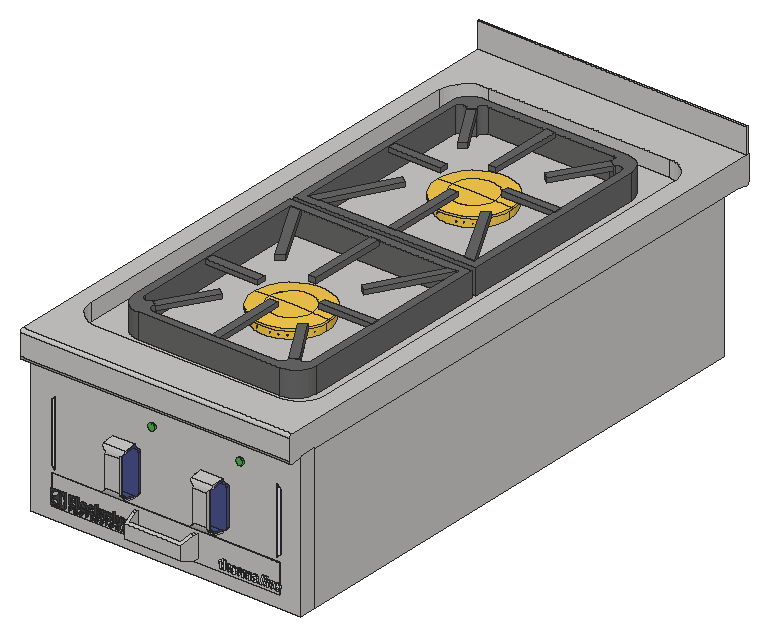
Revit family "QF_ELECTROLUXPROFESSIONAL_593105_MBGCBBDOVI", category Specialty Equipment, Revit 2014
Parameters
  Weight in Pounds = 487.22
  URL Cutsheet = ""
  Type Mark [instance] = ""
  Specification by User [instance] = ""
  Specification by Manufacturer = ""
  Serial Number = ""
  Seismic Rating = ""
  SMACNA No = ""
  Revision Code [instance] = ""
  Omniclass Number and Title = ""
  NAFEM Spec ID Number = ""
  Model = "588557"
  Masterspec = ""
  Manufacturer = "Electrolux Professional"
  Item Number [instance] = ""
  Installed By [instance] = ""
  Identify Quantity as Lot [instance] = yes
  Furnished By [instance] = ""
  Foodservice Equipment Identifier [instance] = yes
  Description = ""
  CSI MasterFormat = ""
  CSI Master Format = ""
Reference planes
  plane 1 "BACK": y = 0
  plane 2: z = 0
  plane 3 "LEFT": x = 0
  plane 4 "RIGHT": x = 400
  plane 5 "FRONT": y = -850
  plane 6 "TOP": z = 900
  plane 7 "Center (Left/Right)": x = 200
  plane 8: y = -425
  plane 9: y = -150
  plane 10: y = -65
  plane 11: y = -790
  plane 12 "GasY": y = -540
  plane 13: z = 938
  plane 14 "BaseTop": z = 650
  plane 15: y = -805
  plane 16 "Camino": y = -50
  plane 17: x = 364
  plane 18: z = 1131
Forms (mm)
  Extrusion 1, solid, material "QF_Finishes_Stainless Steel"
    sketch origin (-178.969, -4572, 100) x (-1, 0, 0) y (0, -1, 0)
      loop
        line (-178.969, -4527) -> (-178.969, -3767) -> (-578.969, -3767) -> (-578.969, -4527) -> (-178.969, -4527)
    from 550 to 762.969
  Extrusion 2, solid, material "QF_Finishes_Stainless Steel"
    sketch origin (200, 296.4, 1219.2) x (0, 1, 0) y (0, 0, 1)
      loop
        line (-296.4, -319.2) -> (-1141.4, -319.2)
        arc (-1141.4, -319.2) -> (-1144.935, -320.664) -> (-1146.4, -324.2) r 5
        line (-1146.4, -324.2) -> (-1146.4, -355.2)
        arc (-1146.4, -355.2) -> (-1144.971, -358.264) -> (-1141.705, -359.139) r 4
        line (-1141.705, -359.139) -> (-1126.4, -356.231) -> (-316.4, -356.231) -> (-301.094, -359.139)
        arc (-301.094, -359.139) -> (-297.829, -358.264) -> (-296.4, -355.2) r 4
        line (-296.4, -355.2) -> (-296.4, -319.2)
    from -200 to 200
  Extrusion 3, void
    sketch origin (0, 0, 900) x (-1, 0, 0) y (0, -1, 0)
      loop
        arc (-65.29, 65) -> (-37.006, 76.716) -> (-25.29, 105) r 40
        line (-25.29, 105) -> (-25.29, 750)
        arc (-25.29, 750) -> (-37.006, 778.284) -> (-65.29, 790) r 40
        line (-65.29, 790) -> (-334.029, 790)
        arc (-334.029, 790) -> (-362.314, 778.284) -> (-374.029, 750) r 40
        line (-374.029, 750) -> (-374.029, 105)
        arc (-374.029, 105) -> (-362.314, 76.716) -> (-334.029, 65) r 40
        line (-334.029, 65) -> (-65.29, 65)
    from 0 to -25
  Extrusion 4, solid, material "QF_Finishes_Stainless Steel"
    sketch origin (200, 296.4, 1219.2) x (0, 1, 0) y (0, 0, 1)
      loop
        line (-296.4, -319.2) -> (-296.4, -281.2) -> (-298.4, -281.2) -> (-298.4, -319.2) -> (-296.4, -319.2)
    from 200 to -200
  Extrusion 5, solid, material "QF_Finishes_Stainless Steel"
    sketch origin (0, 0, 650) x (-1, 0, 0) y (0, -1, 0)
      loop
        circle (-364, 540) r 10.1
    from 0 to -10
Cuts and joins
  Extrusion 3 cuts Extrusion 2
Lines and regions (mm)
  symbolic lines
    curve 1: line (0, 0, 100) -> (400, 0, 100)
    curve 2: line (0, -850, 100) -> (0, 0, 100)
    curve 3: line (400, -850, 100) -> (0, -850, 100)
    curve 4: line (400, 0, 100) -> (400, -850, 100)
    curve 5: line (0, -2, 0) -> (400, -2, 0)
    curve 6: line (334.029, -65, 0) -> (65.29, -65, 0)
    curve 7: arc (65.29, -65, 0) -> (37.006, -76.716, 0) -> (25.29, -105, 0) r 40
    curve 8: arc (374.029, -105, 0) -> (362.314, -76.716, 0) -> (334.029, -65, 0) r 40
    curve 9: line (374.029, -750, 0) -> (374.029, -105, 0)
    curve 10: arc (334.029, -790, 0) -> (362.314, -778.284, 0) -> (374.029, -750, 0) r 40
    curve 11: line (65.29, -790, 0) -> (334.029, -790, 0)
    curve 12: arc (25.29, -750, 0) -> (37.006, -778.284, 0) -> (65.29, -790, 0) r 40
    curve 13: line (25.29, -105, 0) -> (25.29, -750, 0)
Dimensions and locks
  plane 3 "LEFT" to plane 4 "RIGHT" = 400 mm
  locked: plane 5 "FRONT" to plane 1 "BACK" at 850
  plane 3 "LEFT" to plane 7 "Center (Left/Right)" to plane 4 "RIGHT" = 200 mm, 200 mm
  equal spacing: plane 5 "FRONT", plane 8, plane 1 "BACK"
  plane 6 "TOP" to level = 900 mm  (x2)
  plane 1 "BACK" to plane 9 = 150 mm
  plane 12 "GasY" to plane 1 "BACK" = 540 mm
  plane 13 to plane 6 "TOP" = 38 mm
  plane 10 to plane 1 "BACK" = 65 mm
  plane 5 "FRONT" to plane 11 = 60 mm
  locked: plane 6 "TOP" to plane 14 "BaseTop" at 250
  locked: plane 15 to plane 5 "FRONT" at 45
  plane 16 "Camino" to plane 1 "BACK" = 50 mm
  plane 17 to plane 4 "RIGHT" = 36 mm
  plane 18 to plane 6 "TOP" = 231 mm
  aligned and locked: level to plane 2
  aligned and locked: cut or joined group of Extrusion 2, Extrusion 3 to plane 3 "LEFT"
  aligned and locked: cut or joined group of Extrusion 2, Extrusion 3 to plane 4 "RIGHT"
  aligned and locked: nested 1 to plane 15
  aligned and locked: Extrusion 1 to plane 15
  aligned and locked: Extrusion 4 to plane 3 "LEFT"
  aligned and locked: Extrusion 4 to plane 4 "RIGHT"
  aligned and locked: plane 3 "LEFT" to nested 1
Automatic sketch dimensions
  curve 5 to plane 3 "LEFT" = 0 mm
  curve 5 to plane 4 "RIGHT" = 0 mm
  plane 1 "BACK" to curve 5 = 2 mm
  Extrusion 1 sketch curve to plane 4 "RIGHT" = 0 mm
  Extrusion 1 sketch curve to plane 3 "LEFT" = 0 mm
  Extrusion 1 sketch curve to plane 15 = 0 mm
  Extrusion 1 sketch curve to plane 16 "Camino" = 5 mm
  plane 1 "BACK" to curve 1 = 0 mm
  curve 1 to plane 4 "RIGHT" = 0 mm
  curve 3 to plane 3 "LEFT" = 0 mm
  plane 5 "FRONT" to curve 3 = 0 mm
  Extrusion 2 sketch curve to plane 5 "FRONT" = 0 mm
  Extrusion 2 sketch curve to plane 6 "TOP" = 0 mm
  Extrusion 2 sketch curve to plane 1 "BACK" = 0 mm
  Extrusion 2 sketch curve to Extrusion 2 sketch curve = 4 mm
  Extrusion 2 sketch curve to Extrusion 2 sketch curve = 0.695 mm
  Extrusion 2 sketch curve to plane 5 "FRONT" = 5 mm
  Extrusion 2 sketch curve to Extrusion 2 sketch curve = 15.305 mm
  plane 1 "BACK" to Extrusion 2 sketch curve = 20 mm
  plane 1 "BACK" to Extrusion 2 sketch curve = 4.695 mm
  plane 1 "BACK" to Extrusion 2 sketch curve = 4 mm
  Extrusion 2 sketch curve to Extrusion 2 sketch curve = 31 mm
  Extrusion 2 sketch curve to Extrusion 2 sketch curve = 36 mm
  Extrusion 2 sketch curve to Extrusion 2 sketch curve = 2.909 mm
  Extrusion 4 sketch curve to plane 6 "TOP" = 0 mm
  Extrusion 4 sketch curve to plane 13 = 0 mm
  Extrusion 4 sketch curve to plane 1 "BACK" = 0 mm
  Extrusion 4 sketch curve to Extrusion 4 sketch curve = 2 mm
  Extrusion 5 sketch curve to plane 12 "GasY" = 0 mm
  Extrusion 5 sketch curve to plane 17 = 0 mm
  plane 10 to curve 6 = 0 mm
  plane 7 "Center (Left/Right)" to curve 6 = 134.029 mm
  curve 7 to curve 6 = 40 mm
  curve 8 to curve 6 = 40 mm
  curve 9 to plane 11 = 40 mm
  plane 11 to curve 10 = 0 mm
  plane 3 "LEFT" to curve 13 = 25.29 mm
  curve 12 to plane 11 = 40 mm
  plane 11 to Extrusion 3 sketch curve = 0 mm
  plane 10 to Extrusion 3 sketch curve = 0 mm
  plane 17 to Extrusion 3 sketch curve = 10.029 mm
  Extrusion 3 sketch curve to plane 17 = 29.971 mm  (x2)
  plane 3 "LEFT" to Extrusion 3 sketch curve = 65.29 mm  (x2)
  plane 10 to Extrusion 3 sketch curve = 40 mm
  radius of Extrusion 5 sketch curve = 10.1 mm
Nested families
  nested 1: "Front_Panel_W400_Two Knobs_Spie" at (52.376, -805, 0), type "Front_Panel_W400_Two Knobs_Spie"
  nested 2: "Therma_One_Burner_Long" at (198.607, -260.258, 875), type "Therma_One_Burner_Long"
  nested 3: "Therma_One_Burner_Long" at (198.607, -593.742, 875), type "Therma_One_Burner_Long"
Connectors
  piping at (364, -540, 650), diameter 12.7
    settings: on Extrusion 5, index 1, connector inside diameter 24", connector length 0 mm, flow factor 0, pipe flow 0 GPM, pressure drop 0.00 psi, fitting loss kfactor 0, connector angle 0.00°, fixture units 0, engagement length 0 mm, angle of deflection 0.00°, flow configuration 1, flow direction 1, fitting loss method 0, system type 7, joint type 0, gender type 0, connector reference index -1, connector utility 0, adjustable connector no, is connector primary yes, connector description "Gas Connection"
Definition of nested family "Front_Panel_W400_Two Knobs_Spie"
  Reference planes
    plane 1 "Center (Front/Back)": y = 0
    plane 2: z = 0
    plane 3 "Center (Left/Right)": x = 147.624
    plane 4 "Left": x = -52.376
    plane 5 "Right": x = 347.624
    plane 6: y = -45
    plane 7: x = 107.624
    plane 8: y = -310
    plane 9 "Panel": y = -25
    plane 10: x = 317.624
    plane 11: x = -22.376
  Forms (mm)
    Extrusion 1, solid, material "QF_Finishes_Stainless Steel"
      sketch origin (833.217, 829.203, -1.25) x (0, 1, 0) y (0, 0, 1)
        loop
          line (-854.203, 651.25) -> (-829.203, 651.25) -> (-829.203, 864.25) -> (-854.203, 864.25) -> (-854.203, 651.25)
      from -885.593 to -485.593
    Extrusion 2, void
      sketch origin (0, -25, -10) x (0, 0, 1) y (-1, 0, 0)
        loop
          line (731.866, -317.624) -> (818.866, -317.624) -> (823.866, -312.624) -> (726.866, -312.624) -> (731.866, -317.624)
        loop
          line (731.866, 22.376) -> (726.866, 17.376) -> (823.866, 17.376) -> (818.866, 22.376) -> (731.866, 22.376)
      from 0 to -2
    Extrusion 3, void
      sketch origin (0, 0, 0) x (1, 0, 0) y (0, 0, 1)
        loop
          line (-22.376, 711.866) -> (-22.376, 666.866) -> (317.624, 666.866) -> (317.624, 711.866) -> (-22.376, 711.866)
      from 19.387 to 25
    Extrusion 4, solid, material "QF_Finishes_Stainless Steel"
      sketch origin (0, 0, 0) x (1, 0, 0) y (0, 0, 1)
        loop
          line (-21.376, 710.866) -> (-21.376, 667.866) -> (316.624, 667.866) -> (316.624, 710.866) -> (-21.376, 710.866)
      from 19.387 to 25
    Extrusion 5, solid, material "QF_Finishes_Stainless Steel"
      sketch origin (0, 0, 0) x (1, 0, 0) y (0, 1, 0)
        loop
          line (106.059, -25) -> (100.966, -25) -> (105.646, -49.075) -> (189.603, -49.075) -> (194.283, -25) -> (189.189, -25) -> (185.481, -44.075) -> (109.767, -44.075) -> (106.059, -25)
      from 672.593 to 705.67
    Extrusion 6, void
      sketch origin (147.624, 0, 0) x (0, 1, 0) y (0, 0, 1)
        loop
          line (-30, 705.67) -> (-30, 710.67) -> (-56.744, 710.67) -> (-56.744, 667.593) -> (-30, 667.593) -> (-30, 672.593) -> (-53.776, 680.318) -> (-53.776, 697.945) -> (-30, 705.67)
      from -50 to 50
    Extrusion 7, solid, material "QF_Door-Drawer Clearances", detail levels coarse
      sketch origin (0, -265, 0) x (1, 0, 0) y (0, 1, 0)
        loop
          line (106.164, -71.744) -> (189.084, -71.744) -> (194.283, -45) -> (316.624, -45) -> (316.624, 240) -> (-21.376, 240) -> (-21.376, -45) -> (100.966, -45) -> (106.164, -71.744)
      from 672.593 to 705.67
    Extrusion 8, void
      sketch origin (147.624, -280, 0) x (0, 1, 0) y (0, 0, 1)
        loop
          line (-30, 705.67) -> (-30, 710.67) -> (-56.744, 710.67) -> (-56.744, 667.593) -> (-30, 667.593) -> (-30, 672.593) -> (-53.776, 680.318) -> (-53.776, 697.945) -> (-30, 705.67)
      from -50 to 50
    Extrusion 9, solid, material "QF_Finishes_Green"
      sketch origin (160, -25, 1.163) x (0, 0, 1) y (-1, 0, 0)
        loop
          circle (824.337, 32.376) r 5
      from 0 to 1.7
    Extrusion 10, solid, material "QF_Finishes_White"
      sketch origin (0, -25, -10) x (0, 0, 1) y (-1, 0, 0)
        loop
          line (726.866, -312.624) -> (731.866, -317.624) -> (818.866, -317.624) -> (823.866, -312.624) -> (726.866, -312.624)
        loop
          line (726.866, 17.376) -> (823.866, 17.376) -> (818.866, 22.376) -> (731.866, 22.376) -> (726.866, 17.376)
      from 0 to -2
    Extrusion 11, solid, material "QF_Finishes_Green"
      sketch origin (290.724, -25, 1.163) x (0, 0, 1) y (-1, 0, 0)
        loop
          circle (824.337, 32.376) r 5
      from 0 to 1.7
  Cuts and joins
    Extrusion 2, Extrusion 3 cuts Extrusion 1
    Extrusion 6, Extrusion 8 cuts Extrusion 5
    Extrusion 8 cuts Extrusion 7
  Lines and regions (mm)
    symbolic lines, style "SpecialityEquipmentHiddenLines"
      curve 1: line (31.124, -45, 0) -> (31.124, -310, 0)
      curve 2: line (31.124, -310, 0) -> (269.124, -310, 0)
      curve 3: line (100.966, -310, 0) -> (105.646, -334.075, 0)
      curve 4: line (105.646, -334.075, 0) -> (189.603, -334.075, 0)
      curve 5: line (189.603, -334.075, 0) -> (194.283, -310, 0)
      curve 6: line (269.124, -310, 0) -> (269.124, -45, 0)
      curve 7: line (31.124, -300, 0) -> (269.124, -300, 0)
      curve 8: line (106.059, -310, 0) -> (109.767, -329.075, 0)
      curve 9: line (109.767, -329.075, 0) -> (185.481, -329.075, 0)
      curve 10: line (185.481, -329.075, 0) -> (189.189, -310, 0)
  Dimensions and locks
    equal spacing: plane 5 "Right", plane 3 "Center (Left/Right)", plane 4 "Left"
    plane 5 "Right" to plane 4 "Left" = 400 mm
    plane 3 "Center (Left/Right)" to plane 7 = 40 mm
    plane 6 to plane 8 = 265 mm
    plane 11 to plane 4 "Left" = 30 mm
    plane 5 "Right" to plane 10 = 30 mm
    aligned and locked: cut or joined group of Extrusion 1, Extrusion 2, Extrusion 3 to plane 4 "Left"
    aligned and locked: plane 5 "Right" to cut or joined group of Extrusion 1, Extrusion 2, Extrusion 3
  Automatic sketch dimensions
    Extrusion 1 sketch curve to plane 9 "Panel" = 0 mm
    Extrusion 1 sketch curve to plane 1 "Center (Front/Back)" = 0 mm
    level to Extrusion 1 sketch curve = 650 mm
    Extrusion 1 sketch curve to Extrusion 1 sketch curve = 213 mm
    Extrusion 3 sketch curve to plane 11 = 0 mm
    Extrusion 3 sketch curve to plane 10 = 0 mm
    level to Extrusion 3 sketch curve = 666.866 mm
    Extrusion 3 sketch curve to Extrusion 3 sketch curve = 45 mm
    plane 11 to Extrusion 4 sketch curve = 1 mm
    Extrusion 4 sketch curve to plane 10 = 1 mm
    level to Extrusion 4 sketch curve = 667.866 mm
    Extrusion 4 sketch curve to Extrusion 4 sketch curve = 43 mm
    plane 9 "Panel" to Extrusion 5 sketch curve = 0 mm  (x2)
    Extrusion 5 sketch curve to plane 7 = 6.658 mm
    Extrusion 5 sketch curve to plane 7 = 1.979 mm
    Extrusion 5 sketch curve to plane 7 = 1.565 mm
    Extrusion 5 sketch curve to plane 6 = 0.925 mm
    plane 7 to Extrusion 5 sketch curve = 2.143 mm
    plane 3 "Center (Left/Right)" to Extrusion 5 sketch curve = 37.857 mm
    Extrusion 5 sketch curve to Extrusion 5 sketch curve = 3.708 mm
    Extrusion 5 sketch curve to Extrusion 5 sketch curve = 4.122 mm
    Extrusion 5 sketch curve to Extrusion 5 sketch curve = 5.094 mm
    plane 6 to Extrusion 5 sketch curve = 4.075 mm
    plane 6 to Extrusion 6 sketch curve = 11.744 mm
    plane 6 to Extrusion 6 sketch curve = 8.776 mm
    plane 9 "Panel" to Extrusion 6 sketch curve = 5 mm  (x2)
    level to Extrusion 6 sketch curve = 667.593 mm
    Extrusion 6 sketch curve to Extrusion 6 sketch curve = 5 mm
    Extrusion 6 sketch curve to Extrusion 6 sketch curve = 12.725 mm  (x2)
    Extrusion 6 sketch curve to Extrusion 6 sketch curve = 17.627 mm
    Extrusion 6 sketch curve to Extrusion 6 sketch curve = 7.725 mm
    plane 9 "Panel" to Extrusion 7 sketch curve = 0 mm
    Extrusion 7 sketch curve to plane 8 = 0 mm  (x2)
    plane 11 to Extrusion 7 sketch curve = 1 mm
    Extrusion 7 sketch curve to plane 7 = 6.658 mm
    Extrusion 7 sketch curve to plane 7 = 1.46 mm
    plane 3 "Center (Left/Right)" to Extrusion 7 sketch curve = 41.46 mm
    Extrusion 7 sketch curve to Extrusion 7 sketch curve = 5.199 mm
    Extrusion 7 sketch curve to plane 10 = 1 mm
    Extrusion 7 sketch curve to plane 8 = 26.744 mm
    Extrusion 8 sketch curve to plane 8 = 0 mm  (x2)
    Extrusion 8 sketch curve to plane 8 = 23.776 mm
    Extrusion 8 sketch curve to Extrusion 8 sketch curve = 2.968 mm
    level to Extrusion 8 sketch curve = 667.593 mm
    Extrusion 8 sketch curve to Extrusion 8 sketch curve = 5 mm
    Extrusion 8 sketch curve to Extrusion 8 sketch curve = 12.725 mm  (x2)
    Extrusion 8 sketch curve to Extrusion 8 sketch curve = 17.627 mm
    Extrusion 8 sketch curve to Extrusion 8 sketch curve = 7.725 mm
    Extrusion 9 sketch curve to plane 3 "Center (Left/Right)" = 20 mm
    level to Extrusion 9 sketch curve = 825.5 mm
    Extrusion 11 sketch curve to plane 10 = 59.276 mm
    level to Extrusion 11 sketch curve = 825.5 mm
    Extrusion 10 sketch curve to plane 10 = 0 mm
    Extrusion 10 sketch curve to plane 11 = 0 mm
    Extrusion 10 sketch curve to plane 10 = 5 mm
    level to Extrusion 10 sketch curve = 716.866 mm
    plane 11 to Extrusion 10 sketch curve = 5 mm
    Extrusion 10 sketch curve to Extrusion 10 sketch curve = 0 mm
    Extrusion 10 sketch curve to Extrusion 10 sketch curve = 5 mm  (x4)
    Extrusion 10 sketch curve to Extrusion 10 sketch curve = 87 mm  (x2)
    Extrusion 2 sketch curve to plane 10 = 0 mm
    Extrusion 2 sketch curve to plane 11 = 0 mm
    plane 11 to Extrusion 2 sketch curve = 5 mm
    level to Extrusion 2 sketch curve = 716.866 mm
    Extrusion 2 sketch curve to plane 10 = 5 mm
    Extrusion 2 sketch curve to Extrusion 2 sketch curve = 0 mm
    Extrusion 2 sketch curve to Extrusion 2 sketch curve = 5 mm  (x4)
    Extrusion 2 sketch curve to Extrusion 2 sketch curve = 87 mm  (x2)
    plane 6 to curve 1 = 0 mm
    curve 10 to plane 8 = 0 mm
    plane 6 to curve 6 = 0 mm
    plane 11 to curve 1 = 53.5 mm
    curve 3 to plane 7 = 1.979 mm
    plane 7 to curve 8 = 2.143 mm
    plane 3 "Center (Left/Right)" to curve 10 = 37.857 mm
    curve 9 to curve 5 = 4.122 mm
    curve 2 to plane 10 = 48.5 mm
    curve 9 to plane 8 = 19.075 mm
    curve 5 to curve 9 = 5 mm
    curve 3 to plane 7 = 6.658 mm
    curve 8 to plane 7 = 1.565 mm
    curve 9 to curve 10 = 3.708 mm
    curve 10 to curve 5 = 5.094 mm
    plane 8 to curve 7 = 10 mm
    radius of Extrusion 9 sketch curve = 5 mm
    radius of Extrusion 11 sketch curve = 5 mm
  Nested families
    nested 1: "Range Control Handle" at (87.624, -28.137, -209.113) x (-1, 0, 0) z (0, 0, 1), type "Range Control Handle"
    nested 2: "Range Control Handle" at (217.624, -28.137, -209.113), type "Range Control Handle"
    nested 3: "ELX_ThermaLine_Small" at (269.031, -25, 679.343) x (1, 0, 0) z (0, -1, 0), type "ELX_ThermaLine_Small"
      with Show Logo yes, Material_Logo QF_Finishes_Black
    nested 4: "ELX_Professional_Logo_Small" at (37.11, -25, 681.576) x (1, 0, 0) z (0, -1, 0), type "ELX_Professional_Logo_Small"
      with Show Logo yes, Material_Logo QF_Finishes_Black
  Definition of nested family "Range Control Handle"
    Reference planes
      plane 1 "Center (Front/Back)": y = 0
      plane 2: z = 0
      plane 3 "Center (Left/Right)": x = 0
      plane 4: z = 971.092
      plane 5: y = -16.9
    Forms (mm)
      Extrusion 1, solid, material "QF_Finishes_Electrolux Cyan"
        sketch origin (-746.28, 380.497, 208.931) x (-1, 0, 0) y (0, 0, 1)
          loop
            line (-770.101, 786.798) -> (-770.101, 731.649)
            arc (-770.101, 731.649) -> (-769.759, 730.563) -> (-768.855, 729.87) r 1.893
            line (-768.855, 729.87) -> (-763.474, 727.911) -> (-729.81, 727.911) -> (-724.428, 729.87)
            arc (-724.428, 729.87) -> (-723.525, 730.563) -> (-723.183, 731.649) r 1.893
            line (-723.183, 731.649) -> (-723.183, 786.798)
            arc (-723.183, 786.798) -> (-723.529, 787.894) -> (-724.44, 788.593) r 1.91
            line (-724.44, 788.593) -> (-729.683, 790.819) -> (-763.601, 790.819) -> (-768.844, 788.593)
            arc (-768.844, 788.593) -> (-769.755, 787.894) -> (-770.101, 786.798) r 1.91
        from -382.35 to -378.852
      Sweep 2, solid, material "QF_Finishes_Electrolux Cyan"
        path origin (-746.788, 380.496, 208.091) x (0, -1, 0) y (0, 0, 1)
          loop
            line (379.775, 793.281) -> (395.661, 791.048)
            arc (395.661, 791.048) -> (397.781, 787.377) -> (398.517, 783.202) r 12.207
            line (398.517, 783.202) -> (398.517, 737.368)
            arc (398.517, 737.368) -> (397.781, 733.193) -> (395.661, 729.522) r 12.207
            line (395.661, 729.522) -> (379.775, 727.289)
        profile origin (-746.788, -7.222, 1000.256) x (0, -0.139173, 0.990268) y (-1, 0, 0)
          loop
            line (0.782, -763.123) -> (0.782, -730.907) -> (-1.322, -730.907) -> (-1.322, -763.123) -> (0.782, -763.123)
      Sweep 3, solid, material "QF_Finishes_Stainless Steel"
        path origin (-746.788, 380.715, 207.832) x (0, -1, 0) y (0, 0, 1)
          loop
            line (380.478, 795.442) -> (397.218, 793.09)
            arc (397.218, 793.09) -> (399.929, 788.473) -> (400.871, 783.202) r 15.207
            line (400.871, 783.202) -> (400.871, 737.584)
            arc (400.871, 737.584) -> (399.914, 732.274) -> (397.164, 727.633) r 15.207
            line (397.164, 727.633) -> (380.601, 725.305)
        profile origin (-746.788, -8.132, 1002.099) x (0, -0.139173, 0.990268) y (-1, 0, 0)
          loop
            line (0.782, -763.123) -> (0.782, -730.907) -> (-1.322, -730.907) -> (-1.322, -763.123) -> (0.782, -763.123)
      Extrusion 4, void
        sketch origin (889.253, 220.666, 207.993) x (1, 0, 0) y (0, 0, 1)
          loop
            line (-943.038, 816.854) -> (-943.038, 703.686) -> (-899.466, 734.196) -> (-899.466, 786.344) -> (-943.038, 816.854)
        from 230.636 to 242.25
      Extrusion 5, void
        sketch origin (-888.8, 220.666, 207.993) x (-1, 0, 0) y (0, 0, -1)
          loop
            line (-943.038, -816.854) -> (-899.466, -786.344) -> (-899.466, -734.196) -> (-943.038, -703.686) -> (-943.038, -816.854)
        from 230.636 to 242.25
      Extrusion 6, solid, material "QF_Finishes_Electrolux Cyan"
        sketch origin (0, 0, 0) x (1, 0, 0) y (0, 0, 1)
          loop
            circle (0, 971.092) r 7.736
        from -3.137 to -1.645
    Cuts and joins
      Extrusion 4, Extrusion 5 cuts Sweep 3
      Extrusion 4, Extrusion 5 cuts Sweep 2
      joined: Extrusion 1, Extrusion 6
    Lines and regions (mm)
      symbolic lines
        curve 1: line (16.334, -16.9, 0) -> (16.334, -19.227, 0)
        curve 2: spline (16.334, -19.227, 0) -> (15.87, -19.385, 0) -> (15.404, -19.536, 0) -> (14.936, -19.678, 0) -> (14.466, -19.813, 0) -> (13.995, -19.94, 0) -> (13.523, -20.059, 0) -> (13.049, -20.171, 0) -> (12.575, -20.274, 0) -> (12.099, -20.37, 0) -> (11.622, -20.458, 0) -> (11.144, -20.537, 0) -> (10.666, -20.609, 0)
        curve 3: line (10.666, -16.9, 0) -> (10.666, -20.938, 0)
        curve 4: line (-10.213, -20.938, 0) -> (10.666, -20.938, 0)
        curve 5: line (-10.213, -20.938, 0) -> (-10.213, -16.9, 0)
        curve 6: spline (-10.213, -20.609, 0) -> (-10.691, -20.537, 0) -> (-11.169, -20.458, 0) -> (-11.646, -20.37, 0) -> (-12.122, -20.274, 0) -> (-12.597, -20.171, 0) -> (-13.07, -20.059, 0) -> (-13.542, -19.94, 0) -> (-14.013, -19.813, 0) -> (-14.483, -19.678, 0) -> (-14.951, -19.536, 0) -> (-15.417, -19.385, 0) -> (-15.881, -19.227, 0)
        curve 7: line (-15.881, -19.227, 0) -> (-15.881, -16.9, 0)
  Definition of nested family "ELX_ThermaLine_Small"
    Parameters (values of type "ELX_ThermaLine_Small")
      Show Logo [instance] = yes
      Material_Logo [instance] = QF_Finishes_Black
      Default Elevation = 0 mm
    Reference planes
      plane 1 "Centro (Fronte/Retro)": y = 0
      plane 2: z = 0
      plane 3 "Centro (Sinistra/Destra)": x = 0
    Forms (mm)
      Extrusion 1, solid
        sketch origin (0, 0, 0) x (1, 0, 0) y (0, 1, 0)
          loop
            line (-1219.2, 1219.2) -> (-1219.2, -1219.2) -> (1219.2, -1219.2) -> (1219.2, 1219.2) -> (-1219.2, 1219.2)
        from 0 to -304.8
      Extrusion 2, solid, material "QF_Finishes_White"
        sketch origin (0, 0, 0) x (1, 0, 0) y (0, 1, 0)
          loop
            line (-37.494, 1.229) -> (-35.908, 1.229) -> (-35.908, 3.066) -> (-37.494, 3.066) -> (-37.494, 6.221) -> (-39.867, 4.881) -> (-39.867, 3.066) -> (-40.969, 3.066) -> (-40.969, 1.229) -> (-39.867, 1.229) -> (-39.867, -3.407)
            arc (-39.867, -3.407) -> (-38.982, -5.513) -> (-36.751, -6.001) r 2.478
            line (-36.751, -6.001) -> (-35.638, -5.7) -> (-35.9, -3.835) -> (-36.661, -4.039)
            arc (-36.661, -4.039) -> (-37.236, -3.924) -> (-37.494, -3.399) r 0.662
            line (-37.494, -3.399) -> (-37.494, 1.229)
          loop
            line (-34.242, 6.539) -> (-34.242, -5.848) -> (-31.854, -5.848) -> (-31.854, -0.078)
            arc (-31.854, -0.078) -> (-30.939, 1.249) -> (-29.33, 1.367) r 1.866
            arc (-29.33, 1.367) -> (-28.695, 0.768) -> (-28.461, -0.073) r 1.627
            line (-28.461, -0.073) -> (-28.461, -5.848) -> (-26.086, -5.848) -> (-26.064, -0.46)
            arc (-26.064, -0.46) -> (-26.261, 0.932) -> (-26.786, 2.237) r 5.825
            arc (-26.786, 2.237) -> (-29.381, 3.264) -> (-31.854, 1.971) r 3.353
            line (-31.854, 1.971) -> (-31.854, 6.539) -> (-34.242, 6.539)
          loop
            arc (-18.398, -0.598) -> (-18.893, 0.879) -> (-20.326, 1.487) r 1.897
            arc (-20.326, 1.487) -> (-21.461, 0.708) -> (-21.897, -0.598) r 2.164
            line (-21.897, -0.598) -> (-18.398, -0.598)
          loop
            arc (-16.021, -2.044) -> (-16.754, 1.227) -> (-19.444, 3.226) r 4.814
            arc (-19.444, 3.226) -> (-22.137, 2.788) -> (-23.943, 0.743) r 4.054
            arc (-23.943, 0.743) -> (-24.382, -1.249) -> (-24.162, -3.276) r 6.289
            arc (-24.162, -3.276) -> (-23.302, -4.71) -> (-21.958, -5.705) r 4.28
            arc (-21.958, -5.705) -> (-18.558, -5.814) -> (-16.152, -3.409) r 4.28
            line (-16.152, -3.409) -> (-18.5, -2.995)
            arc (-18.5, -2.995) -> (-19.273, -3.994) -> (-20.533, -4.076) r 1.536
            arc (-20.533, -4.076) -> (-21.56, -3.281) -> (-21.958, -2.044) r 2.197
            line (-21.958, -2.044) -> (-16.021, -2.044)
          loop
            line (-14.165, -5.848) -> (-11.819, -5.848) -> (-11.819, -2.138)
            arc (-11.819, -2.138) -> (-11.787, -1.156) -> (-11.637, -0.185) r 8.18
            arc (-11.637, -0.185) -> (-10.644, 0.972) -> (-9.132, 0.776) r 1.603
            line (-9.132, 0.776) -> (-8.419, 2.846)
            arc (-8.419, 2.846) -> (-10.432, 3.118) -> (-11.994, 1.821) r 2.527
            line (-11.994, 1.821) -> (-11.994, 3.094) -> (-14.165, 3.094) -> (-14.165, -5.848)
          loop
            line (-7.579, 3.094) -> (-7.579, -5.848) -> (-5.178, -5.848) -> (-5.178, -0.756)
            arc (-5.178, -0.756) -> (-4.727, 0.679) -> (-3.417, 1.419) r 2.05
            arc (-3.417, 1.419) -> (-2.499, 0.908) -> (-2.155, -0.085) r 1.471
            line (-2.155, -0.085) -> (-2.155, -5.848) -> (0.23, -5.848) -> (0.23, -1.001)
            arc (0.23, -1.001) -> (0.47, 0.127) -> (1.148, 1.061) r 2.775
            arc (1.148, 1.061) -> (2.225, 1.329) -> (3.05, 0.587) r 1.182
            arc (3.05, 0.587) -> (3.199, -0.019) -> (3.214, -0.642) r 2.894
            line (3.214, -0.642) -> (3.214, -5.848) -> (5.601, -5.848) -> (5.601, 0.261)
            arc (5.601, 0.261) -> (4.87, 2.263) -> (2.976, 3.241) r 2.932
            arc (2.976, 3.241) -> (1.284, 2.973) -> (-0.047, 1.896) r 3.309
            arc (-0.047, 1.896) -> (-1.116, 2.865) -> (-2.506, 3.258) r 3.16
            arc (-2.506, 3.258) -> (-4.105, 2.942) -> (-5.376, 1.92) r 3.419
            line (-5.376, 1.92) -> (-5.376, 3.094) -> (-7.579, 3.094)
          loop
            line (7.583, 0.738) -> (9.702, 0.364)
            arc (9.702, 0.364) -> (11.441, 1.492) -> (12.855, -0.023) r 1.613
            line (12.855, -0.023) -> (9.782, -0.789)
            arc (9.782, -0.789) -> (8.559, -1.346) -> (7.617, -2.305) r 3.687
            arc (7.617, -2.305) -> (7.499, -3.681) -> (7.901, -5.003) r 3.651
            arc (7.901, -5.003) -> (9.107, -5.766) -> (10.515, -6.006) r 3.635
            arc (10.515, -6.006) -> (11.898, -5.697) -> (13.067, -4.895) r 3.734
            line (13.067, -4.895) -> (13.376, -5.848) -> (15.75, -5.848) -> (15.212, -4.193) -> (15.212, 0.38)
            arc (15.212, 0.38) -> (14.897, 1.849) -> (13.818, 2.895) r 2.585
            arc (13.818, 2.895) -> (11.792, 3.442) -> (9.719, 3.11) r 5.005
            arc (9.719, 3.11) -> (8.369, 2.178) -> (7.583, 0.738) r 3.54
          loop
            line (19.723, -5.848) -> (22.233, -5.848) -> (24.854, 6.484) -> (22.345, 6.484) -> (19.723, -5.848)
          loop
            line (24.583, -5.848) -> (26.953, -5.848) -> (28.848, 3.066) -> (26.478, 3.066) -> (24.583, -5.848)
          loop
            line (27.204, 6.484) -> (26.741, 4.305) -> (29.111, 4.305) -> (29.575, 6.484) -> (27.204, 6.484)
          loop
            line (29.355, -5.848) -> (31.849, -5.848) -> (33.098, 0.028)
            arc (33.098, 0.028) -> (34.169, 1.306) -> (35.832, 1.422) r 2.132
            arc (35.832, 1.422) -> (36.324, 0.752) -> (36.383, -0.078) r 1.5
            line (36.383, -0.078) -> (35.157, -5.848) -> (37.536, -5.848) -> (38.936, 0.738)
            arc (38.936, 0.738) -> (38.775, 2.091) -> (37.825, 3.066) r 2.118
            arc (37.825, 3.066) -> (35.392, 3.175) -> (33.295, 1.937) r 4.271
            line (33.295, 1.937) -> (33.535, 3.066) -> (31.25, 3.066) -> (29.355, -5.848)
          loop
            line (42.792, -0.64) -> (46.589, -0.64)
            arc (46.589, -0.64) -> (46.639, 0.124) -> (46.327, 0.823) r 1.589
            arc (46.327, 0.823) -> (45.117, 1.521) -> (43.762, 1.183) r 1.865
            arc (43.762, 1.183) -> (43.141, 0.344) -> (42.792, -0.64) r 3.538
          loop
            line (42.565, -2.138) -> (48.593, -2.138)
            arc (48.593, -2.138) -> (48.58, 0.597) -> (46.983, 2.818) r 4.494
            arc (46.983, 2.818) -> (44.191, 3.28) -> (41.725, 1.891) r 4.26
            arc (41.725, 1.891) -> (40.503, -0.3) -> (40.284, -2.799) r 6.003
            arc (40.284, -2.799) -> (40.959, -4.468) -> (42.377, -5.576) r 3.482
            arc (42.377, -5.576) -> (44.265, -5.961) -> (46.152, -5.576) r 4.823
            arc (46.152, -5.576) -> (47.432, -4.731) -> (48.328, -3.485) r 4.245
            line (48.328, -3.485) -> (46.168, -3.105)
            arc (46.168, -3.105) -> (45.214, -4.072) -> (43.859, -4.181) r 1.953
            arc (43.859, -4.181) -> (42.821, -3.408) -> (42.565, -2.138) r 1.81
          loop
            line (12.868, -1.553) -> (10.216, -2.214)
            arc (10.216, -2.214) -> (9.747, -3.136) -> (10.216, -4.058) r 1.14
            arc (10.216, -4.058) -> (11.537, -4.249) -> (12.614, -3.46) r 1.763
            arc (12.614, -3.46) -> (12.858, -2.522) -> (12.868, -1.553) r 3.97
        from 0 to 1.6
    Dimensions and locks
      aligned and locked: plane 2 to Extrusion 1
      aligned and locked: level to Extrusion 1
  Definition of nested family "ELX_Professional_Logo_Small"
    Parameters (values of type "ELX_Professional_Logo_Small")
      Show Logo [instance] = yes
      Material_Logo [instance] = QF_Finishes_Black
      Default Elevation = 0 mm
    Reference planes
      plane 1 "Centro (Fronte/Retro)": y = 0
      plane 2: z = 0
      plane 3 "Centro (Sinistra/Destra)": x = 0
    Forms (mm)
      Extrusion 1, solid
        sketch origin (0, 0, 0) x (1, 0, 0) y (0, 1, 0)
          loop
            line (-1219.2, 1219.2) -> (-1219.2, -1219.2) -> (1219.2, -1219.2) -> (1219.2, 1219.2) -> (-1219.2, 1219.2)
        from 0 to -304.8
      Extrusion 2, solid, material "QF_Finishes_Black" <- "Material_Logo"
        sketch origin (15.5, 0, 0) x (1, 0, 0) y (0, 1, 0)
          loop
            spline (-42.99, -1.24) -> (-43.195, -1.231) -> (-43.415, -1.203) -> (-43.642, -1.152) -> (-43.87, -1.074) -> (-44.095, -0.966) -> (-44.309, -0.825) -> (-44.506, -0.647) -> (-44.681, -0.429) -> (-44.828, -0.167) -> (-44.94, 0.142) -> (-45.011, 0.501) -> (-45.037, 0.915)
            line (-45.037, 0.915) -> (-45.037, 2.748) -> (-38.984, 2.748) -> (-38.984, 5.086) -> (-45.038, 5.086) -> (-45.038, 8.489) -> (-38.599, 8.489) -> (-38.599, 10.82) -> (-47.515, 10.82) -> (-47.515, 1.021)
            spline (-47.515, 1.021) -> (-47.493, 0.418) -> (-47.425, -0.15) -> (-47.311, -0.682) -> (-47.15, -1.175) -> (-46.939, -1.628) -> (-46.678, -2.038) -> (-46.365, -2.404) -> (-46, -2.723) -> (-45.58, -2.995) -> (-45.105, -3.216) -> (-44.573, -3.385) -> (-43.983, -3.499)
            line (-43.983, -3.499) -> (-43.01, -3.569) -> (-38.426, -3.569) -> (-38.426, -1.24) -> (-42.99, -1.24)
          loop
            line (-36.666, 4.021) -> (-36.666, -3.573) -> (-34.188, -3.573) -> (-34.188, 10.824) -> (-36.666, 10.824) -> (-36.666, 4.021)
          loop
            spline (-21.915, 1.897) -> (-21.957, 2.615) -> (-22.082, 3.303) -> (-22.285, 3.955) -> (-22.563, 4.564) -> (-22.913, 5.124) -> (-23.331, 5.629) -> (-23.814, 6.074) -> (-24.359, 6.451) -> (-24.961, 6.755) -> (-25.618, 6.98) -> (-26.326, 7.119) -> (-27.081, 7.167)
            spline (-27.081, 7.167) -> (-27.853, 7.122) -> (-28.586, 6.99) -> (-29.275, 6.774) -> (-29.915, 6.478) -> (-30.5, 6.104) -> (-31.024, 5.657) -> (-31.483, 5.138) -> (-31.871, 4.553) -> (-32.182, 3.904) -> (-32.411, 3.194) -> (-32.552, 2.427) -> (-32.6, 1.606)
            spline (-32.6, 1.606) -> (-32.553, 0.805) -> (-32.416, 0.057) -> (-32.193, -0.637) -> (-31.887, -1.271) -> (-31.504, -1.843) -> (-31.048, -2.35) -> (-30.523, -2.788) -> (-29.934, -3.154) -> (-29.284, -3.444) -> (-28.579, -3.656) -> (-27.822, -3.785) -> (-27.019, -3.829)
            spline (-27.019, -3.829) -> (-26.627, -3.82) -> (-26.239, -3.79) -> (-25.856, -3.739) -> (-25.477, -3.663) -> (-25.103, -3.562) -> (-24.734, -3.432) -> (-24.369, -3.273) -> (-24.01, -3.082) -> (-23.655, -2.858) -> (-23.305, -2.597) -> (-22.96, -2.299) -> (-22.621, -1.962)
            line (-22.621, -1.962) -> (-24.114, -0.509)
            spline (-24.114, -0.509) -> (-24.311, -0.699) -> (-24.509, -0.872) -> (-24.71, -1.03) -> (-24.915, -1.172) -> (-25.126, -1.297) -> (-25.346, -1.407) -> (-25.576, -1.5) -> (-25.817, -1.576) -> (-26.072, -1.636) -> (-26.342, -1.678) -> (-26.629, -1.704) -> (-26.936, -1.713)
            spline (-26.936, -1.713) -> (-27.384, -1.691) -> (-27.805, -1.625) -> (-28.196, -1.518) -> (-28.556, -1.372) -> (-28.882, -1.187) -> (-29.174, -0.966) -> (-29.429, -0.71) -> (-29.645, -0.422) -> (-29.821, -0.102) -> (-29.955, 0.247) -> (-30.045, 0.623) -> (-30.089, 1.026)
            line (-30.089, 1.026) -> (-21.956, 1.026) -> (-21.915, 1.897)
          loop
            spline (-24.446, 2.769) -> (-24.47, 3.075) -> (-24.54, 3.37) -> (-24.654, 3.65) -> (-24.807, 3.913) -> (-24.996, 4.156) -> (-25.219, 4.376) -> (-25.472, 4.57) -> (-25.753, 4.736) -> (-26.057, 4.869) -> (-26.382, 4.968) -> (-26.724, 5.03) -> (-27.081, 5.051)
            spline (-27.081, 5.051) -> (-27.464, 5.03) -> (-27.832, 4.97) -> (-28.183, 4.872) -> (-28.513, 4.74) -> (-28.819, 4.577) -> (-29.099, 4.384) -> (-29.347, 4.165) -> (-29.563, 3.923) -> (-29.742, 3.659) -> (-29.881, 3.377) -> (-29.977, 3.079) -> (-30.027, 2.769)
            line (-30.027, 2.769) -> (-24.446, 2.769)
          loop
            spline (-18.167, 1.669) -> (-18.138, 2.13) -> (-18.055, 2.567) -> (-17.921, 2.978) -> (-17.739, 3.358) -> (-17.512, 3.705) -> (-17.243, 4.016) -> (-16.937, 4.287) -> (-16.596, 4.517) -> (-16.223, 4.7) -> (-15.823, 4.835) -> (-15.398, 4.919) -> (-14.951, 4.947)
            spline (-14.951, 4.947) -> (-14.677, 4.938) -> (-14.414, 4.913) -> (-14.162, 4.871) -> (-13.921, 4.812) -> (-13.69, 4.738) -> (-13.467, 4.649) -> (-13.254, 4.544) -> (-13.048, 4.424) -> (-12.85, 4.291) -> (-12.659, 4.143) -> (-12.474, 3.981) -> (-12.295, 3.806)
            line (-12.295, 3.806) -> (-10.76, 5.403)
            spline (-10.76, 5.403) -> (-11.065, 5.709) -> (-11.38, 5.984) -> (-11.703, 6.228) -> (-12.035, 6.443) -> (-12.375, 6.63) -> (-12.723, 6.788) -> (-13.078, 6.92) -> (-13.44, 7.026) -> (-13.809, 7.107) -> (-14.184, 7.164) -> (-14.564, 7.198) -> (-14.951, 7.209)
            spline (-14.951, 7.209) -> (-15.725, 7.161) -> (-16.467, 7.02) -> (-17.169, 6.792) -> (-17.826, 6.482) -> (-18.43, 6.096) -> (-18.976, 5.637) -> (-19.455, 5.112) -> (-19.862, 4.525) -> (-20.19, 3.882) -> (-20.433, 3.189) -> (-20.584, 2.449) -> (-20.635, 1.669)
            spline (-20.635, 1.669) -> (-20.584, 0.889) -> (-20.433, 0.149) -> (-20.19, -0.545) -> (-19.862, -1.187) -> (-19.455, -1.774) -> (-18.976, -2.299) -> (-18.43, -2.758) -> (-17.826, -3.145) -> (-17.169, -3.454) -> (-16.467, -3.682) -> (-15.725, -3.823) -> (-14.951, -3.871)
            spline (-14.951, -3.871) -> (-14.564, -3.86) -> (-14.184, -3.826) -> (-13.809, -3.77) -> (-13.44, -3.689) -> (-13.078, -3.583) -> (-12.723, -3.451) -> (-12.375, -3.292) -> (-12.035, -3.105) -> (-11.703, -2.89) -> (-11.38, -2.646) -> (-11.065, -2.371) -> (-10.76, -2.066)
            line (-10.76, -2.066) -> (-12.295, -0.468)
            spline (-12.295, -0.468) -> (-12.474, -0.643) -> (-12.659, -0.805) -> (-12.85, -0.953) -> (-13.048, -1.087) -> (-13.254, -1.206) -> (-13.467, -1.311) -> (-13.69, -1.4) -> (-13.921, -1.475) -> (-14.162, -1.533) -> (-14.414, -1.575) -> (-14.677, -1.6) -> (-14.951, -1.609)
            spline (-14.951, -1.609) -> (-15.398, -1.581) -> (-15.823, -1.497) -> (-16.223, -1.362) -> (-16.596, -1.179) -> (-16.937, -0.95) -> (-17.243, -0.678) -> (-17.512, -0.367) -> (-17.739, -0.02) -> (-17.921, 0.36) -> (-18.055, 0.771) -> (-18.138, 1.208) -> (-18.167, 1.669)
          loop
            spline (-4.441, -1.243) -> (-4.659, -1.247) -> (-4.894, -1.23) -> (-5.137, -1.19) -> (-5.384, -1.121) -> (-5.628, -1.021) -> (-5.864, -0.884) -> (-6.084, -0.708) -> (-6.283, -0.488) -> (-6.454, -0.219) -> (-6.592, 0.101) -> (-6.69, 0.478) -> (-6.742, 0.914)
            line (-6.742, 0.914) -> (-6.742, 4.587) -> (-4.487, 4.587) -> (-4.487, 6.838) -> (-6.738, 6.838) -> (-6.738, 10.824) -> (-9.217, 10.824) -> (-9.217, 0.773)
            spline (-9.217, 0.773) -> (-9.164, 0.19) -> (-9.068, -0.358) -> (-8.928, -0.87) -> (-8.742, -1.343) -> (-8.511, -1.777) -> (-8.232, -2.168) -> (-7.904, -2.515) -> (-7.527, -2.816) -> (-7.098, -3.069) -> (-6.618, -3.273) -> (-6.084, -3.426) -> (-5.496, -3.525)
            line (-5.496, -3.525) -> (-4.45, -3.573) -> (-4.441, -1.243)
          loop
            spline (3.898, 6.983) -> (3.469, 7.009) -> (3.056, 7.001) -> (2.661, 6.961) -> (2.283, 6.888) -> (1.925, 6.785) -> (1.588, 6.652) -> (1.272, 6.49) -> (0.979, 6.301) -> (0.71, 6.085) -> (0.465, 5.844) -> (0.247, 5.578) -> (0.056, 5.289)
            line (0.056, 5.289) -> (0.056, 6.838) -> (-2.402, 6.838) -> (-2.402, -3.572) -> (0.056, -3.572) -> (0.056, 1.901)
            spline (0.056, 1.901) -> (0.079, 2.316) -> (0.145, 2.703) -> (0.254, 3.06) -> (0.404, 3.386) -> (0.592, 3.679) -> (0.818, 3.938) -> (1.08, 4.162) -> (1.375, 4.348) -> (1.703, 4.495) -> (2.062, 4.602) -> (2.45, 4.668) -> (2.865, 4.69)
            line (2.865, 4.69) -> (3.898, 4.586) -> (3.898, 6.983)
          loop
            spline (15.638, 1.633) -> (15.586, 2.396) -> (15.435, 3.124) -> (15.192, 3.81) -> (14.863, 4.449) -> (14.455, 5.034) -> (13.975, 5.56) -> (13.43, 6.021) -> (12.826, 6.411) -> (12.17, 6.724) -> (11.469, 6.955) -> (10.729, 7.098) -> (9.958, 7.147)
            spline (9.958, 7.147) -> (9.182, 7.098) -> (8.44, 6.955) -> (7.737, 6.724) -> (7.081, 6.411) -> (6.477, 6.021) -> (5.933, 5.56) -> (5.454, 5.034) -> (5.048, 4.449) -> (4.721, 3.81) -> (4.479, 3.124) -> (4.329, 2.396) -> (4.277, 1.633)
            spline (4.277, 1.633) -> (4.329, 0.869) -> (4.479, 0.141) -> (4.721, -0.544) -> (5.048, -1.183) -> (5.454, -1.768) -> (5.933, -2.294) -> (6.477, -2.755) -> (7.081, -3.145) -> (7.737, -3.459) -> (8.44, -3.69) -> (9.182, -3.833) -> (9.958, -3.882)
            spline (9.958, -3.882) -> (10.729, -3.833) -> (11.469, -3.69) -> (12.17, -3.459) -> (12.826, -3.145) -> (13.43, -2.755) -> (13.975, -2.294) -> (14.455, -1.768) -> (14.863, -1.183) -> (15.192, -0.544) -> (15.435, 0.141) -> (15.586, 0.869) -> (15.638, 1.633)
          loop
            spline (13.18, 1.633) -> (13.151, 2.083) -> (13.067, 2.513) -> (12.932, 2.918) -> (12.748, 3.296) -> (12.52, 3.642) -> (12.251, 3.954) -> (11.943, 4.227) -> (11.601, 4.459) -> (11.228, 4.645) -> (10.828, 4.782) -> (10.403, 4.867) -> (9.958, 4.896)
            spline (9.958, 4.896) -> (9.509, 4.867) -> (9.081, 4.782) -> (8.679, 4.645) -> (8.306, 4.459) -> (7.964, 4.227) -> (7.658, 3.954) -> (7.39, 3.642) -> (7.163, 3.296) -> (6.981, 2.918) -> (6.847, 2.513) -> (6.765, 2.083) -> (6.736, 1.633)
            spline (6.736, 1.633) -> (6.765, 1.182) -> (6.847, 0.753) -> (6.981, 0.347) -> (7.163, -0.031) -> (7.39, -0.377) -> (7.658, -0.689) -> (7.964, -0.962) -> (8.306, -1.193) -> (8.679, -1.38) -> (9.081, -1.517) -> (9.509, -1.602) -> (9.958, -1.631)
            spline (9.958, -1.631) -> (10.403, -1.602) -> (10.828, -1.517) -> (11.228, -1.38) -> (11.601, -1.193) -> (11.943, -0.962) -> (12.251, -0.689) -> (12.52, -0.377) -> (12.748, -0.031) -> (12.932, 0.347) -> (13.067, 0.753) -> (13.151, 1.182) -> (13.18, 1.633)
          loop
            line (17.162, 4.269) -> (17.162, -3.573) -> (19.642, -3.573) -> (19.642, 10.824) -> (17.162, 10.824) -> (17.162, 4.269)
          loop
            line (28.581, 6.838) -> (28.581, 0.786)
            spline (28.581, 0.786) -> (28.561, 0.393) -> (28.503, 0.038) -> (28.409, -0.279) -> (28.281, -0.559) -> (28.122, -0.802) -> (27.933, -1.011) -> (27.717, -1.185) -> (27.476, -1.325) -> (27.213, -1.433) -> (26.929, -1.509) -> (26.626, -1.554) -> (26.308, -1.569)
            spline (26.308, -1.569) -> (25.99, -1.554) -> (25.688, -1.509) -> (25.404, -1.434) -> (25.141, -1.326) -> (24.9, -1.187) -> (24.684, -1.014) -> (24.496, -0.807) -> (24.336, -0.565) -> (24.209, -0.288) -> (24.115, 0.026) -> (24.057, 0.376) -> (24.037, 0.765)
            line (24.037, 0.765) -> (24.037, 6.838) -> (21.537, 6.838) -> (21.537, 0.558)
            spline (21.537, 0.558) -> (21.581, -0.153) -> (21.71, -0.8) -> (21.916, -1.384) -> (22.195, -1.904) -> (22.54, -2.362) -> (22.944, -2.757) -> (23.403, -3.09) -> (23.909, -3.362) -> (24.456, -3.572) -> (25.04, -3.722) -> (25.652, -3.811) -> (26.288, -3.841)
            spline (26.288, -3.841) -> (26.929, -3.811) -> (27.547, -3.72) -> (28.135, -3.568) -> (28.687, -3.355) -> (29.197, -3.079) -> (29.66, -2.741) -> (30.068, -2.341) -> (30.415, -1.877) -> (30.696, -1.349) -> (30.905, -0.757) -> (31.034, -0.101) -> (31.079, 0.621)
            line (31.079, 0.621) -> (31.079, 6.838) -> (28.581, 6.838)
          loop
            line (40.457, -0.243) -> (38.894, 1.942) -> (40.83, 4.579) -> (42.488, 6.837) -> (39.782, 6.837) -> (37.53, 3.719) -> (35.258, 6.837) -> (32.573, 6.837) -> (34.113, 4.731) -> (36.167, 1.922) -> (34.014, -1.076) -> (32.222, -3.573) -> (34.887, -3.573) -> (37.53, 0.104) -> (40.174, -3.573) -> (42.839, -3.573) -> (40.457, -0.243)
          loop
            line (-46.121, -5.837) -> (-48.039, -5.837) -> (-48.039, -10.814) -> (-47.016, -10.814) -> (-47.016, -9.128) -> (-46.121, -9.128)
            arc (-46.121, -9.128) -> (-44.476, -7.482) -> (-46.121, -5.837) r 1.645
          loop
            line (-46.163, -6.778) -> (-47.016, -6.778) -> (-47.016, -8.187) -> (-46.163, -8.187)
            arc (-46.163, -8.187) -> (-45.458, -7.482) -> (-46.163, -6.778) r 0.704
          loop
            line (-38.313, -5.837) -> (-40.265, -5.837) -> (-40.265, -10.814) -> (-39.241, -10.814) -> (-39.241, -9.1) -> (-38.46, -9.182) -> (-37.48, -10.814) -> (-36.318, -10.814) -> (-37.513, -8.848)
            arc (-37.513, -8.848) -> (-36.888, -8.266) -> (-36.671, -7.441) r 1.536
            arc (-36.671, -7.441) -> (-37.165, -6.305) -> (-38.313, -5.837) r 1.643
          loop
            arc (-38.402, -8.166) -> (-37.707, -7.505) -> (-38.334, -6.778) r 0.696
            line (-38.334, -6.778) -> (-39.241, -6.778) -> (-39.241, -8.166) -> (-38.402, -8.166)
          loop
            circle (-29.965, -8.325) r 2.585
          loop
            circle (-29.965, -8.325) r 1.64
          loop
            line (-23.1, -5.837) -> (-23.1, -10.814) -> (-22.076, -10.814) -> (-22.076, -8.768) -> (-20.204, -8.768) -> (-20.204, -7.828) -> (-22.076, -7.828) -> (-22.076, -6.778) -> (-20.024, -6.778) -> (-20.024, -5.837) -> (-23.1, -5.837)
          loop
            line (-15.802, -5.837) -> (-15.802, -9.2)
            arc (-15.802, -9.2) -> (-15.343, -10.34) -> (-14.209, -10.814) r 1.593
            line (-14.209, -10.814) -> (-12.602, -10.814) -> (-12.602, -10.027) -> (-14.004, -10.027)
            arc (-14.004, -10.027) -> (-14.552, -9.8) -> (-14.779, -9.252) r 0.775
            line (-14.779, -9.252) -> (-14.779, -8.424) -> (-12.789, -8.424) -> (-12.789, -7.642) -> (-14.779, -7.642) -> (-14.779, -6.778) -> (-12.651, -6.778) -> (-12.651, -5.837) -> (-15.802, -5.837)
          loop
            line (-5.909, -7.143) -> (-5.173, -6.638)
            arc (-5.173, -6.638) -> (-5.855, -5.974) -> (-6.781, -5.755) r 1.782
            arc (-6.781, -5.755) -> (-7.397, -5.878) -> (-7.944, -6.189) r 1.974
            arc (-7.944, -6.189) -> (-8.202, -6.5) -> (-8.317, -6.888) r 1.013
            arc (-8.317, -6.888) -> (-8.306, -7.341) -> (-8.192, -7.78) r 1.985
            arc (-8.192, -7.78) -> (-7.749, -8.259) -> (-7.171, -8.563) r 1.928
            arc (-7.171, -8.563) -> (-6.637, -8.779) -> (-6.131, -9.056) r 5.041
            arc (-6.131, -9.056) -> (-5.934, -9.387) -> (-6.09, -9.74) r 0.42
            arc (-6.09, -9.74) -> (-6.631, -9.96) -> (-7.204, -9.845) r 1.016
            arc (-7.204, -9.845) -> (-7.625, -9.603) -> (-7.889, -9.196) r 1.033
            line (-7.889, -9.196) -> (-8.67, -9.686)
            arc (-8.67, -9.686) -> (-8.361, -10.198) -> (-7.908, -10.589) r 1.914
            arc (-7.908, -10.589) -> (-7.334, -10.834) -> (-6.714, -10.896) r 2.063
            arc (-6.714, -10.896) -> (-5.947, -10.743) -> (-5.256, -10.376) r 2.696
            arc (-5.256, -10.376) -> (-4.95, -9.565) -> (-5.108, -8.712) r 1.618
            arc (-5.108, -8.712) -> (-5.448, -8.319) -> (-5.884, -8.035) r 1.876
            arc (-5.884, -8.035) -> (-6.434, -7.789) -> (-6.999, -7.577) r 9.883
            arc (-6.999, -7.577) -> (-7.325, -7.07) -> (-6.854, -6.694) r 0.45
            arc (-6.854, -6.694) -> (-6.329, -6.809) -> (-5.909, -7.143) r 1.197
          loop
            line (1.61, -7.143) -> (2.345, -6.638)
            arc (2.345, -6.638) -> (1.663, -5.974) -> (0.737, -5.755) r 1.782
            arc (0.737, -5.755) -> (0.121, -5.878) -> (-0.425, -6.189) r 1.974
            arc (-0.425, -6.189) -> (-0.683, -6.5) -> (-0.799, -6.888) r 1.013
            arc (-0.799, -6.888) -> (-0.788, -7.341) -> (-0.674, -7.78) r 1.985
            arc (-0.674, -7.78) -> (-0.231, -8.259) -> (0.347, -8.563) r 1.928
            arc (0.347, -8.563) -> (0.881, -8.779) -> (1.387, -9.056) r 5.041
            arc (1.387, -9.056) -> (1.584, -9.387) -> (1.428, -9.74) r 0.42
            arc (1.428, -9.74) -> (0.887, -9.96) -> (0.314, -9.845) r 1.016
            arc (0.314, -9.845) -> (-0.107, -9.603) -> (-0.371, -9.196) r 1.033
            line (-0.371, -9.196) -> (-1.152, -9.686)
            arc (-1.152, -9.686) -> (-0.842, -10.198) -> (-0.39, -10.589) r 1.914
            arc (-0.39, -10.589) -> (0.184, -10.834) -> (0.804, -10.896) r 2.063
            arc (0.804, -10.896) -> (1.572, -10.743) -> (2.263, -10.376) r 2.696
            arc (2.263, -10.376) -> (2.568, -9.565) -> (2.411, -8.712) r 1.618
            arc (2.411, -8.712) -> (2.07, -8.319) -> (1.635, -8.035) r 1.876
            arc (1.635, -8.035) -> (1.084, -7.789) -> (0.519, -7.577) r 9.883
            arc (0.519, -7.577) -> (0.193, -7.07) -> (0.665, -6.694) r 0.45
            arc (0.665, -6.694) -> (1.189, -6.809) -> (1.61, -7.143) r 1.197
          loop
            line (6.801, -5.837) -> (6.801, -10.814) -> (7.825, -10.814) -> (7.825, -5.837) -> (6.801, -5.837)
          loop
            circle (14.724, -8.325) r 1.548
          loop
            circle (14.724, -8.325) r 2.585
          loop
            line (21.59, -10.814) -> (22.623, -10.814) -> (22.623, -7.685) -> (24.9, -10.814) -> (25.895, -10.814) -> (25.895, -5.837) -> (24.861, -5.837) -> (24.861, -9.061) -> (22.585, -5.837) -> (21.59, -5.837) -> (21.59, -10.814)
          loop
            line (31.054, -10.814) -> (31.539, -9.74) -> (33.38, -9.74) -> (33.865, -10.814) -> (34.965, -10.814) -> (32.46, -5.837) -> (29.956, -10.814) -> (31.054, -10.814)
          loop
            line (32.46, -7.698) -> (31.999, -8.719) -> (32.921, -8.719) -> (32.46, -7.698)
          loop
            line (40.047, -9.873) -> (40.047, -5.837) -> (39.024, -5.837) -> (39.024, -10.814) -> (41.961, -10.814) -> (41.961, -9.873) -> (40.047, -9.873)
          loop
            line (-74.986, -10.814) -> (-53.322, -10.814) -> (-53.322, 10.82) -> (-74.986, 10.82) -> (-74.986, -10.814)
          loop
            line (-61.261, 9.758) -> (-61.261, -9.707)
            arc (-61.261, -9.707) -> (-54.066, 0.025) -> (-61.261, 9.758) r 10.18
          loop
            line (-62.251, 8.349) -> (-62.251, 9.758)
            arc (-62.251, 9.758) -> (-70.347, 7.918) -> (-74.247, 0.59) r 9.976
            line (-74.247, 0.59) -> (-71.026, 0.59)
            arc (-71.026, 0.59) -> (-65.274, 2.925) -> (-62.251, 8.349) r 9.351
          loop
            arc (-74.247, -0.539) -> (-70.353, -7.928) -> (-62.251, -9.957) r 10.237
            line (-62.251, -9.957) -> (-62.251, -8.298)
            arc (-62.251, -8.298) -> (-65.274, -2.874) -> (-71.026, -0.539) r 9.351
            line (-71.026, -0.539) -> (-74.247, -0.539)
        from 0 to 1.644
    Dimensions and locks
      aligned and locked: plane 2 to Extrusion 1
      aligned and locked: level to Extrusion 1
Definition of nested family "Therma_One_Burner_Long"
  Reference planes
    plane 1 "Center (Front/Back)": y = 2.758
    plane 2: z = 0
    plane 3 "Center (Left/Right)": x = 1.052
    plane 4: x = -133.948
    plane 5: x = 136.052
    plane 6: y = 324.793
    plane 7: y = -324.793
    plane 8: y = 155.258
    plane 9: y = -162.742
  Forms (mm)
    Extrusion 1, void
      sketch origin (-124.371, -167.459, -885.234) x (-0.587785, -0.809017, 0) y (0, 0, 1)
        loop
          circle (-213.495, 891.283) r 1
      from -67.69 to -35.114
    Extrusion 2, void
      sketch origin (-89.903, -188.091, -885.234) x (-0.422618, -0.906308, 0) y (0, 0, 1)
        loop
          circle (-213.495, 891.283) r 1
      from -74.826 to -35.114
    Extrusion 3, void
      sketch origin (27.702, -206.516, -885.234) x (0.139173, -0.990268, 0) y (0, 0, 1)
        loop
          circle (-213.495, 891.283) r 1
      from -67.69 to -35.114
    Extrusion 4, void
      sketch origin (66.829, -197.413, -885.234) x (0.325568, -0.945519, 0) y (0, 0, 1)
        loop
          circle (-213.495, 891.283) r 1
      from -67.69 to -35.114
    Extrusion 5, void
      sketch origin (103.5, -181.013, -885.234) x (0.5, -0.866025, 0) y (0, 0, 1)
        loop
          circle (-213.495, 891.283) r 1
      from -67.69 to -35.114
    Extrusion 6, void
      sketch origin (136.368, -157.916, -885.234) x (0.656059, -0.75471, 0) y (0, 0, 1)
        loop
          circle (-213.495, 891.283) r 1
      from -67.69 to -35.114
    Extrusion 7, void
      sketch origin (164.225, -128.972, -885.234) x (0.788011, -0.615661, 0) y (0, 0, 1)
        loop
          circle (-213.495, 891.283) r 1
      from -67.69 to -35.114
    Extrusion 8, void
      sketch origin (186.048, -95.245, -885.234) x (0.891007, -0.45399, 0) y (0, 0, 1)
        loop
          circle (-213.495, 891.283) r 1
      from -67.69 to -35.114
    Extrusion 9, void
      sketch origin (201.034, -57.973, -885.234) x (0.961262, -0.275637, 0) y (0, 0, 1)
        loop
          circle (-213.495, 891.283) r 1
      from -67.69 to -35.114
    Extrusion 10, void
      sketch origin (208.566, 21.645, -885.234) x (0.994522, 0.104528, 0) y (0, 0, 1)
        loop
          circle (-213.495, 891.283) r 1
      from -67.69 to -35.114
    Extrusion 11, void
      sketch origin (200.835, 61.066, -885.234) x (0.956305, 0.292372, 0) y (0, 0, 1)
        loop
          circle (-213.495, 891.283) r 1
      from -67.69 to -35.114
    Extrusion 12, void
      sketch origin (185.724, 98.287, -885.234) x (0.882948, 0.469472, 0) y (0, 0, 1)
        loop
          circle (-213.495, 891.283) r 1
      from -67.69 to -35.114
    Extrusion 13, void
      sketch origin (163.788, 131.942, -885.234) x (0.777146, 0.62932, 0) y (0, 0, 1)
        loop
          circle (-213.495, 891.283) r 1
      from -67.69 to -35.114
    Extrusion 14, void
      sketch origin (135.834, 160.792, -885.234) x (0.642788, 0.766044, 0) y (0, 0, 1)
        loop
          circle (-213.495, 891.283) r 1
      from -67.69 to -35.114
    Extrusion 15, void
      sketch origin (102.889, 183.778, -885.234) x (0.48481, 0.87462, 0) y (0, 0, 1)
        loop
          circle (-213.495, 891.283) r 1
      from -67.69 to -35.114
    Extrusion 16, void
      sketch origin (66.163, 200.056, -885.234) x (0.309017, 0.951057, 0) y (0, 0, 1)
        loop
          circle (-213.495, 891.283) r 1
      from -67.69 to -35.114
    Extrusion 17, void
      sketch origin (-52.811, 204.011, -885.234) x (-0.258819, 0.965926, 0) y (0, 0, 1)
        loop
          circle (-213.495, 891.283) r 1
      from -67.69 to -35.114
    Extrusion 18, void
      sketch origin (-90.537, 190.209, -885.234) x (-0.438371, 0.898794, 0) y (0, 0, 1)
        loop
          circle (-213.495, 891.283) r 1
      from -67.69 to -35.114
    Extrusion 19, void
      sketch origin (-124.936, 169.461, -885.234) x (-0.601815, 0.798636, 0) y (0, 0, 1)
        loop
          circle (-213.495, 891.283) r 1
      from -67.69 to -35.114
    Extrusion 20, void
      sketch origin (-154.744, 142.531, -885.234) x (-0.743145, 0.669131, 0) y (0, 0, 1)
        loop
          circle (-213.495, 891.283) r 1
      from -67.69 to -35.114
    Extrusion 21, void
      sketch origin (-178.866, 110.408, -885.234) x (-0.857167, 0.515038, 0) y (0, 0, 1)
        loop
          circle (-213.495, 891.283) r 1
      from -67.69 to -35.114
    Extrusion 22, void
      sketch origin (-196.416, 74.272, -885.234) x (-0.939693, 0.34202, 0) y (0, 0, 1)
        loop
          circle (-213.495, 891.283) r 1
      from -67.69 to -35.114
    Extrusion 23, void
      sketch origin (-204.521, -44.491, -885.234) x (-0.97437, -0.224951, 0) y (0, 0, 1)
        loop
          circle (-213.495, 891.283) r 1
      from -67.69 to -35.114
    Extrusion 24, void
      sketch origin (-192.043, -82.676, -885.234) x (-0.913545, -0.406737, 0) y (0, 0, 1)
        loop
          circle (-213.495, 891.283) r 1
      from -67.69 to -35.114
    Extrusion 25, void
      sketch origin (-172.509, -117.778, -885.234) x (-0.819152, -0.573576, 0) y (0, 0, 1)
        loop
          circle (-213.495, 891.283) r 1
      from -67.69 to -35.114
    Extrusion 26, void
      sketch origin (-146.635, -148.508, -885.234) x (-0.694658, -0.71934, 0) y (0, 0, 1)
        loop
          circle (-213.495, 891.283) r 1
      from -67.69 to -35.114
    Extrusion 27, solid, material "QF_Finishes_Castiron"
      sketch origin (0, 0, 0) x (1, 0, 0) y (0, 1, 0)
        loop
          line (93.686, 143.758) -> (-91.582, 143.758)
          arc (-91.582, 143.758) -> (-98.762, 139.285) -> (-97.913, 130.868) r 8
          line (-97.913, 130.868) -> (-108.094, 124.558) -> (-108.936, 125.917)
          arc (-108.936, 125.917) -> (-117.602, 127.471) -> (-122.448, 120.119) r 8
          line (-122.448, 120.119) -> (-122.448, -151.019) -> (124.552, -151.019) -> (124.552, 120.119)
          arc (124.552, 120.119) -> (119.707, 127.471) -> (111.04, 125.917) r 8
          line (111.04, 125.917) -> (110.198, 124.558) -> (100.018, 130.868)
